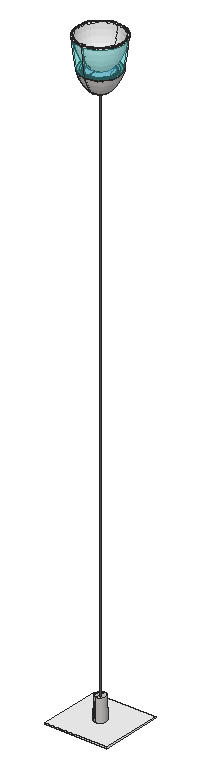
Revit family "BE_56581.2_de_DE", category Leuchten, Revit 2015
Parameters (values of type "BEGA_56581.2_K3")
  built-in parameter 1150104 = 12.486 (stored number, unit not read)
  Wattage = 36.3 W
  Default Elevation = 0 mm
  built-in parameter 1150113 = 1 (stored number, unit not read)
  built-in parameter 1114218 = 1 (stored number, unit not read)
  Umgebungstemperatur = "25 °C"
  URL = "http://www.bega.de/produkt/56581.2"
  Typenkommentare = "© 2017 BEGA. Wir behalten uns das Recht vor, technische Änderungen ohne vorherige Ankündigung vorzunehmen."  # constant formula
  built-in parameter 1150134 = (empty or 0)
  built-in parameter 1150109 = 1 (stored number, unit not read)
  Strom = ""
  built-in parameter 1150110 = 1 (stored number, unit not read)
  Spannung = 239.996 V
  Sonderanfertigung = no
  Seriennummer [instance] = "Hier können Sie die eindeutige Seriennummer für das Facility Management eintragen."
  Schutzklasse = "I"
  Schutzart = ""
  Scheinlast = 0 VA
  Produktdatenblatt = "http://www.bega.de/download/Xrfa/db/56581.2.db.de.pdf"
  Oberflächentemperatur = ""
  Neigungswinkel = 0.00°
  Modell = "56581.2"
  Material_18 = BEGA_Gummi_schwarz
  Material_17 = BEGA_Reflektor
  Material_15 = BEGA_Leuchtmedium_matt
  Material_11 = BEGA_Glas_opal
  Material_10 = BEGA_Glas_matt
  Material_09 = BEGA_Glas_klar
  Material_06 = BEGA_Oberfläche_Edelstahl_gebürstet
  Material_05 = BEGA_Oberfläche_Aluminium Guss
  Material_03 = BEGA_Oberfläche_Weiss_matt
  Material_02 = BEGA_Oberfläche_Silber_matt
  Material_01 [instance] = BEGA_Oberfläche_Grafit_matt
  M_W = no
  M_G = no
  M_A = no
  Logo = 0
  built-in parameter 1114217 = 1 (stored number, unit not read)
  built-in parameter 1150139 = (empty or 0)
  built-in parameter 1150105 = 388.24 (stored number, unit not read)
  built-in parameter 1150114 = 1 (stored number, unit not read)
  Lumens = 4878.72 lm
  built-in parameter 1150115 = 1 (stored number, unit not read)
  Leuchtenlichtstrom = "3540 lm"
  Leuchtenanzahl = ""
  Lebensdauerkriterien = "L70B50 @ 25 °C = 240000 h"
  Lastklassifizierung = Beleuchtung
  built-in parameter 1150112 = 1 (stored number, unit not read)
  Lampenlichtstrom = "4920 lm"
  Lampe = "LED 36.3 W"
  LED_Modulbezeichnung = "LED-0495/930 "
  Hersteller = "BEGA"  # constant formula
  Halbstreuwinkel = ""
  Gewicht = "5.7 kg"
  Gebrauchslageneinschränkung [instance] = ""
  Frequenz = "0/50-60 Hz"
  Farbwiedergabeindex = "Ra > 90"
  Farbtemperaturverschiebung bei Dämpfen der Lampe = <Keine Auswahl>
  Farbtemperatur = "3000 K"
  Color Filter = 16777215
  built-in parameter 1150133 = 10 (stored number, unit not read)
  Energieeffizienzklasse = "LED A++ - A"
  built-in parameter 1150137 = (empty or 0)
  built-in parameter 1150132 = (empty or 0)
  ENEC = "ja"
  Dimmbar [instance] = "DALI"
  Datei für fotometrisches Netz = "BE_56581.2.IES"
  CE_Konformität = "ja"
  Bestellnummer = "56581.2"
  Beschreibung_Sonderanfertigung = "Hier können Sie Informationen zur Sonderanfertigung eintragen."
  Beschreibung = "Pendelleuchte"
  built-in parameter 1150106 = 3.8824 (stored number, unit not read)
  Befestigungsbohrung = ""
  Befestigungsabstand = ""
  Ballwurfsicher = ""
  BEGA_Intern_aus = yes
  BEGA_Intern_an = yes
  BEGA_Intern_Konstruktion = yes
  BEGA_Intern = yes
  BEGA_IES = yes
  BEGA_Dummy = no
  Anschlussleitung = ""
  Anschlussleistung [instance] = "41.5 W"
  Anschlusskasten = ""
  built-in parameter 1150107 = 3000 (stored number, unit not read)
  built-in parameter 1150102 = (empty or 0)
  built-in parameter 1150138 = (empty or 0)
  Aktualisierung = "2017-09-27T04:10:59"
  Abstand_zur_angestrahlten_Fläche [instance] = ""
  AC/DC = "AC/DC"
Types (2, lengths in mm): name | built-in parameter 1150104 | built-in parameter 1150134 | Modell | built-in parameter 1150105 | Lumens | Leuchtenlichtstrom | Lampenlichtstrom | LED_Modulbezeichnung | Farbtemperatur | Datei für fotometrisches Netz | Bestellnummer | built-in parameter 1150106 | built-in parameter 1150107
  BEGA_56581.2_K4 | 12.858 (stored number, unit not read) | 12 | "56581.2K4" | 399.79 (stored number, unit not read) | 5023.92 lm | "3644 lm" | "5065 lm" | "LED-0495/940 " | "4000 K" | "BE_56581.2K4.IES" | "56581.2K4" | 3.9979 (stored number, unit not read) | 4000 (stored number, unit not read)
  BEGA_56581.2_K3 | 12.486 (stored number, unit not read) | (empty or 0) | "56581.2" | 388.24 (stored number, unit not read) | 4878.72 lm | "3540 lm" | "4920 lm" | "LED-0495/930 " | "3000 K" | "BE_56581.2.IES" | "56581.2" | 3.8824 (stored number, unit not read) | 3000 (stored number, unit not read)
Reference planes
  plane 1 "Mitte (Vorne/Hinten)": y = 0
  plane 2: z = 0
  plane 3 "Mitte (Links/Rechts)": x = 0
  plane 4 "Links": x = -151.3
  plane 5 "Rechts": x = 151.3
  plane 6 "Unten": y = -151.3
  plane 7 "Oben": y = 151.3
  plane 8 "Vorne": z = 3999
  plane 9 "Hinten": z = 0
Forms (mm)
  Extrusion 1, solid, material "BEGA_Platte_Weiss"
    sketch origin (0, -1119.2, 0) x (1, 0, 0) y (0, 1, 0)
      loop
        line (-200, 1319.2) -> (-200, 919.2) -> (200, 919.2) -> (200, 1319.2) -> (-200, 1319.2)
    from 0 to -10
  Extrusion 2, solid, material "BEGA_Dummy_matt", visible <- "BEGA_Dummy"
    sketch origin (77.149, -76.023, 0) x (1, 0, 0) y (0, 1, 0)
      loop
        circle (-77.149, 76.023) r 151.3
    from 0 to 3999
Dimensions and locks
  plane 1 "Mitte (Vorne/Hinten)" to Extrusion 1 = 200 mm
  plane 7 "Oben" to plane 1 "Mitte (Vorne/Hinten)" to plane 6 "Unten" = 151.3 mm, 151.3 mm
  aligned and locked: plane 2 to Extrusion 1
  aligned and locked: level to Extrusion 1
Nested families
  nested 1: "BE_56581.2" at (0, 0, 0), type "BE_56581.2"
Connectors
  electrical at (0, 0, 0), driven by "Lastklassifizierung", driven by "Spannung", driven by "Scheinlast"
    settings: index 1, voltage 239.996 V, apparent load 0 VA, apparent load phase1 0 VA, apparent load phase2 0 VA, apparent load phase3 0 VA, power factor 1, load classification "Beleuchtung", number of poles 1, system type 31, power factor state 1, is connector primary yes, connector utility no, sub classification motor no, connector description ""
Definition of nested family "BE_56581.2"
  Parameters (values of type "BE_56581.2")
    Default Elevation = 1 mm
    URL = "http://www.bega.de/de/produkt"
    Type Comments = "© 2015 BEGA. Wir behalten uns das Recht vor, technische Änderungen ohne vorherige Ankündigung vorzunehmen. "  # constant formula
    Type Image = (empty or 0)
    Neigungswinkel_um_Z2 = 0.00°
    Neigungswinkel_um_Z1 = 0.00°
    Neigungswinkel_um_Y2 = 0.00°
    Neigungswinkel_um_Y1 = 0.00°
    Neigungswinkel_um_X2 = 0.00°
    Neigungswinkel_um_X1 = 0.00°
    Material_18 = none
    Material_17 = none
    Material_15 = none
    Material_11 = none
    Material_10 = none
    Material_09 = none
    Material_06 = none
    Material_05 = none
    Material_03 = none
    Material_02 = none
    Material_01 = none
    M_W = yes
    M_G = yes
    M_A = yes
    Länge_Platte = 400 mm  # constant formula
    Höhe_Platte = -10 mm  # constant formula
    Manufacturer = "BEGA"  # constant formula
    Drehwinkel_um_Z2 = 0.00°
    Drehwinkel_um_Z1 = 0.00°
    Breite_Platte = 400 mm  # constant formula
  Reference planes
    plane 1 "Mitte (Oben/Unten)": y = 0
    plane 2: z = 0
    plane 3 "Mitte (Links/Rechts)": x = 0
    plane 4: y = 151.3
    plane 5: y = -151.3
    plane 6: z = 4000
    plane 7: x = -151.3
    plane 8: x = 151.3
  Forms (mm)
    Extrusion 1, solid, detail levels medium
      sketch origin (0, 0, 0) x (1, 0, 0) y (0, 1, 0)
        loop
          line (-200, 200) -> (-200, -200) -> (200, -200) -> (200, 200) -> (-200, 200)
      from 0 to -10 <- "Höhe_Platte"
    Revolve 2, solid, material <- "Material_06", detail levels medium+fine
      sketch origin (0, 0, 0) x (0, 1, 0) y (0, 0, 1)
        loop
          line (-36.248, 0.5) -> (-34, 0.5) -> (-34, 2.676) -> (-32.481, 2.729) -> (-31.3, 138.025)
          arc (-31.3, 138.025) -> (-30.705, 139.423) -> (-29.3, 140) r 2
          line (-29.3, 140) -> (0, 140) -> (0, 143.501)
          arc (0, 143.501) -> (-17.512, 143.245) -> (-35.009, 142.479) r 600
          line (-35.009, 142.479) -> (-36.248, 0.5)
        axis (0, 0.5) -> (0, 143.501)
      angle from 0 to 360
    Revolve 3, solid, material <- "Material_05", detail levels medium+fine
      sketch origin (0, 0, 0) x (0, 1, 0) y (0, 0, 1)
        loop
          line (-32.14, 2) -> (-32.175, 1) -> (-33.765, 1) -> (-33.8, 0) -> (0, 0) -> (0, 2) -> (-32.14, 2)
        axis (0, 0) -> (0, 2)
      angle from 0 to 360
    Extrusion 4, void
      sketch origin (0, 0, 0) x (1, 0, 0) y (0, 1, 0)
        loop
          arc (-9.887, 12.652) -> (-16.053, -0.003) -> (-9.876, -12.652) r 16.053
          line (-9.876, -12.652) -> (9.484, -12.652)
          arc (9.484, -12.652) -> (15.815, -0.003) -> (9.495, 12.652) r 15.815
          line (9.495, 12.652) -> (-9.887, 12.652)
        loop
          circle (-0.016, 25) r 2.25
        loop
          circle (-0.016, -25) r 2.25
      from 0 to 3.541
    Revolve 5, solid, material <- "Material_03", detail levels medium+fine
      sketch origin (0, 0, 0) x (0, 1, 0) y (0, 0, 1)
        loop
          line (-151.3, 3997) -> (-150.3, 3997) -> (-150.3, 3999) -> (-139.949, 3999)
          spline (-139.949, 3999) -> (-138.779, 3976.236) -> (-136.01, 3953.855) -> (-131.676, 3932.161) -> (-125.838, 3911.444) -> (-118.571, 3891.985) -> (-109.972, 3874.046) -> (-100.154, 3857.87) -> (-89.246, 3843.674) -> (-77.391, 3831.655) -> (-64.745, 3821.976) -> (-51.475, 3814.779) -> (-37.762, 3810.166)
          arc (-37.762, 3810.166) -> (-37.214, 3809.812) -> (-37, 3809.196) r 1
          line (-37, 3809.196) -> (-37, 3805) -> (-36, 3805) -> (-36, 3809.985)
          arc (-36, 3809.985) -> (-36.219, 3810.608) -> (-36.779, 3810.958) r 1
          spline (-36.779, 3810.958) -> (-50.367, 3815.489) -> (-63.542, 3822.592) -> (-76.126, 3832.17) -> (-87.949, 3844.094) -> (-98.85, 3858.202) -> (-108.68, 3874.301) -> (-117.307, 3892.175) -> (-124.613, 3911.58) -> (-130.5, 3932.253) -> (-134.887, 3953.913) -> (-137.714, 3976.266) -> (-138.944, 3999.009)
          arc (-138.944, 3999.009) -> (-139.241, 3999.71) -> (-139.944, 4000) r 1
          line (-139.944, 4000) -> (-150.3, 4000)
          arc (-150.3, 4000) -> (-151.007, 3999.707) -> (-151.3, 3999) r 1
          line (-151.3, 3999) -> (-151.3, 3997)
        axis (0, 3805) -> (0, 4000)
      angle from 0 to 360
    Revolve 6, solid, material <- "Material_09", detail levels medium+fine
      sketch origin (0, 0, 0) x (0, 1, 0) y (0, 0, 1)
        loop
          line (-102.7, 3768.034) -> (-96.4, 3768.034) -> (-96.4, 3792.847)
          arc (-96.4, 3792.847) -> (-98.818, 3798.985) -> (-104.772, 3801.826) r 9
          line (-104.772, 3801.826) -> (-121.101, 3802.97)
          arc (-121.101, 3802.97) -> (-138.31, 3900.406) -> (-145.438, 3999.093) r 963.829
          line (-145.438, 3999.093) -> (-149.939, 3999.093)
          arc (-149.939, 3999.093) -> (-142.528, 3897.875) -> (-124.563, 3797.988) r 968.329
          arc (-124.563, 3797.988) -> (-124.199, 3797.391) -> (-123.552, 3797.127) r 1.119
          line (-123.552, 3797.127) -> (-107.926, 3796.034) -> (-102.7, 3768.034)
        axis (0, 3768.034) -> (0, 3999.093)
      angle from 0 to 360
    Revolve 7, solid, material <- "Material_06", detail levels medium+fine
      sketch origin (0, 0, 0) x (0, 1, 0) y (0, 0, 1)
        loop
          line (-3.71, 3663.451) -> (0, 3663.451) -> (0, 3666.998)
          arc (0, 3666.998) -> (-36.026, 3674.484) -> (-65.816, 3696.08) r 87.76
          arc (-65.816, 3696.08) -> (-99.133, 3743.474) -> (-120.273, 3797.412) r 242.773
          line (-120.273, 3797.412) -> (-123.99, 3797.412)
          arc (-123.99, 3797.412) -> (-102.525, 3742.181) -> (-68.493, 3693.673) r 246.373
          arc (-68.493, 3693.673) -> (-39.18, 3671.963) -> (-3.71, 3663.451) r 91.36
        axis (0, 3663.451) -> (0, 3797.412)
      angle from 0 to 360
    Revolve 8, solid, material <- "Material_18", detail levels medium+fine
      sketch origin (0, 0, 0) x (0, 1, 0) y (0, 0, 1)
        loop
          line (-3.35, 118.995) -> (0, 118.995) -> (0, 3695.157) -> (-3.35, 3695.157) -> (-3.35, 118.995)
        axis (0, 3695.157) -> (0, 118.995)
      angle from 0 to 360
    Revolve 9, solid, material <- "Material_10", detail levels medium+fine
      sketch origin (0, 0, 0) x (0, 1, 0) y (0, 0, 1)
        loop
          line (0, 3806.329) -> (0, 3821.829)
          arc (0, 3821.829) -> (-17.765, 3819.684) -> (-34.51, 3813.374) r 74.657
          arc (-34.51, 3813.374) -> (-35.259, 3812.685) -> (-35.571, 3811.717) r 2
          line (-35.571, 3811.717) -> (-35.805, 3807.255)
          arc (-35.805, 3807.255) -> (-36.079, 3806.619) -> (-36.699, 3806.313) r 1
          line (-36.699, 3806.313) -> (-92.963, 3800.4)
          arc (-92.963, 3800.4) -> (-93.589, 3800.094) -> (-93.863, 3799.453) r 1
          line (-93.863, 3799.453) -> (-94.522, 3786.868)
          arc (-94.522, 3786.868) -> (-94.386, 3786.498) -> (-94.023, 3786.342) r 0.5
          line (-94.023, 3786.342) -> (-89.042, 3786.342) -> (-88.608, 3794.636)
          arc (-88.608, 3794.636) -> (-88.061, 3795.908) -> (-86.82, 3796.521) r 2
          line (-86.82, 3796.521) -> (-32.407, 3802.24)
          arc (-32.407, 3802.24) -> (-31.789, 3802.543) -> (-31.513, 3803.174) r 1
          line (-31.513, 3803.174) -> (-31.398, 3805.373)
          arc (-31.398, 3805.373) -> (-31.09, 3806.051) -> (-30.399, 3806.329) r 1
          line (-30.399, 3806.329) -> (0, 3806.329)
        axis (0, 3821.829) -> (0, 3786.342)
      angle from 0 to 360
  Cuts and joins
    Extrusion 4 cuts Revolve 3
  Dimensions and locks
    equal spacing: Extrusion 1 sketch curve, plane 3 "Mitte (Links/Rechts)", Extrusion 1 sketch curve
    equal spacing: Extrusion 1 sketch curve, plane 1 "Mitte (Oben/Unten)", Extrusion 1 sketch curve
    "Länge_Platte": Extrusion 1 sketch curve to Extrusion 1 sketch curve
    "Breite_Platte": Extrusion 1 sketch curve to Extrusion 1 sketch curve
    aligned and locked: Extrusion 1 to plane 2
    aligned and locked: level to Extrusion 1
  Automatic sketch dimensions
    Revolve 3 sketch curve to plane 1 "Mitte (Oben/Unten)" = 0 mm  (x2)
    Revolve 3 sketch curve to level = 0 mm  (x2)
    plane 1 "Mitte (Oben/Unten)" to Revolve 3 sketch curve = 32.14 mm
    Revolve 3 sketch curve to Revolve 3 sketch curve = 2.125 mm
    Revolve 3 sketch curve to Revolve 3 sketch curve = 0.035 mm  (x2)
    Revolve 3 sketch curve to Revolve 3 sketch curve = 1.59 mm
    level to Revolve 3 sketch curve = 1 mm
    Revolve 3 sketch curve to Revolve 3 sketch curve = 2 mm
    Extrusion 4 sketch curve to Extrusion 4 sketch curve = 0 mm  (x2)
    Extrusion 4 sketch curve to plane 3 "Mitte (Links/Rechts)" = 0 mm
    Extrusion 4 sketch curve to plane 3 "Mitte (Links/Rechts)" = 0.016 mm  (x2)
    Extrusion 4 sketch curve to plane 3 "Mitte (Links/Rechts)" = 9.876 mm
    Extrusion 4 sketch curve to plane 3 "Mitte (Links/Rechts)" = 9.887 mm
    plane 3 "Mitte (Links/Rechts)" to Extrusion 4 sketch curve = 9.484 mm
    plane 1 "Mitte (Oben/Unten)" to Extrusion 4 sketch curve = 25 mm
    Extrusion 4 sketch curve to plane 1 "Mitte (Oben/Unten)" = 0.004 mm
    Extrusion 4 sketch curve to Extrusion 4 sketch curve = 12.348 mm
    plane 1 "Mitte (Oben/Unten)" to Extrusion 4 sketch curve = 12.652 mm
    Revolve 2 sketch curve to plane 1 "Mitte (Oben/Unten)" = 0 mm  (x2)
    plane 1 "Mitte (Oben/Unten)" to Revolve 2 sketch curve = 29.3 mm
    Revolve 2 sketch curve to Revolve 2 sketch curve = 2 mm
    level to Revolve 2 sketch curve = 2.729 mm
    plane 1 "Mitte (Oben/Unten)" to Revolve 2 sketch curve = 32.481 mm
    Revolve 2 sketch curve to Revolve 2 sketch curve = 1.52 mm
    Revolve 2 sketch curve to Revolve 2 sketch curve = 3.709 mm
    level to Revolve 2 sketch curve = 0.5 mm
    Revolve 2 sketch curve to Revolve 2 sketch curve = 2.248 mm
    Revolve 2 sketch curve to level = 456.499 mm
    Revolve 2 sketch curve to Revolve 2 sketch curve = 0.053 mm
    Revolve 2 sketch curve to Revolve 2 sketch curve = 135.271 mm
    Revolve 2 sketch curve to Revolve 2 sketch curve = 0.025 mm
    Revolve 2 sketch curve to Revolve 2 sketch curve = 0 mm  (x4)
    Revolve 2 sketch curve to Revolve 2 sketch curve = 4.454 mm
    Revolve 2 sketch curve to Revolve 2 sketch curve = 46.562 mm
    Revolve 7 sketch curve to Revolve 7 sketch curve = 0 mm  (x7)
    Revolve 7 sketch curve to plane 1 "Mitte (Oben/Unten)" = 0 mm  (x2)
    plane 1 "Mitte (Oben/Unten)" to Revolve 7 sketch curve = 0.556 mm
    plane 1 "Mitte (Oben/Unten)" to Revolve 7 sketch curve = 3.71 mm
    Revolve 7 sketch curve to Revolve 7 sketch curve = 3.717 mm
    Revolve 7 sketch curve to Revolve 7 sketch curve = 3.547 mm
    Revolve 7 sketch curve to Revolve 7 sketch curve = 87.758 mm
    Revolve 7 sketch curve to Revolve 7 sketch curve = 42.656 mm
    Revolve 7 sketch curve to Revolve 7 sketch curve = 103.641 mm
    Revolve 7 sketch curve to Revolve 7 sketch curve = 4.003 mm
    Revolve 6 sketch curve to Revolve 6 sketch curve = 0 mm  (x5)
    Revolve 6 sketch curve to plane 1 "Mitte (Oben/Unten)" = 0 mm
    Revolve 6 sketch curve to Revolve 6 sketch curve = 6.3 mm
    Revolve 6 sketch curve to Revolve 6 sketch curve = 9 mm
    Revolve 6 sketch curve to Revolve 6 sketch curve = 2.526 mm
    Revolve 6 sketch curve to Revolve 6 sketch curve = 0.078 mm
    Revolve 6 sketch curve to Revolve 6 sketch curve = 24.813 mm
    Revolve 6 sketch curve to Revolve 6 sketch curve = 3.187 mm
    Revolve 6 sketch curve to Revolve 6 sketch curve = 1.093 mm
    Revolve 6 sketch curve to Revolve 6 sketch curve = 1.116 mm
    Revolve 6 sketch curve to Revolve 6 sketch curve = 4.727 mm
    Revolve 6 sketch curve to Revolve 6 sketch curve = 226.251 mm
    Revolve 6 sketch curve to Revolve 6 sketch curve = 3.153 mm
    Revolve 6 sketch curve to Revolve 6 sketch curve = 4.501 mm
    Revolve 6 sketch curve to Revolve 6 sketch curve = 0.79 mm
    Revolve 6 sketch curve to Revolve 6 sketch curve = 0.003 mm
    Revolve 6 sketch curve to Revolve 6 sketch curve = 40 mm
    Revolve 9 sketch curve to plane 1 "Mitte (Oben/Unten)" = 0 mm  (x2)
    plane 1 "Mitte (Oben/Unten)" to Revolve 9 sketch curve = 0.001 mm
    plane 1 "Mitte (Oben/Unten)" to Revolve 9 sketch curve = 30.399 mm
    Revolve 9 sketch curve to Revolve 9 sketch curve = 0.999 mm  (x3)
    Revolve 9 sketch curve to Revolve 9 sketch curve = 0.115 mm
    Revolve 9 sketch curve to Revolve 9 sketch curve = 0.998 mm
    Revolve 9 sketch curve to Revolve 9 sketch curve = 3.176 mm
    Revolve 9 sketch curve to Revolve 9 sketch curve = 1.997 mm  (x2)
    Revolve 9 sketch curve to Revolve 9 sketch curve = 1.232 mm
    Revolve 9 sketch curve to Revolve 9 sketch curve = 2.432 mm
    Revolve 9 sketch curve to Revolve 9 sketch curve = 6.254 mm
    Revolve 9 sketch curve to Revolve 9 sketch curve = 0.099 mm
    Revolve 9 sketch curve to Revolve 9 sketch curve = 4.981 mm
    Revolve 9 sketch curve to Revolve 9 sketch curve = 39.17 mm
    Revolve 9 sketch curve to Revolve 9 sketch curve = 0.5 mm
    Revolve 9 sketch curve to Revolve 9 sketch curve = 8.19 mm
    Revolve 9 sketch curve to Revolve 9 sketch curve = 4.873 mm
    Revolve 9 sketch curve to Revolve 9 sketch curve = 0.049 mm
    Revolve 9 sketch curve to Revolve 9 sketch curve = 8.642 mm
    Revolve 9 sketch curve to Revolve 9 sketch curve = 0.061 mm
    Revolve 9 sketch curve to Revolve 9 sketch curve = 2.155 mm
    Revolve 9 sketch curve to Revolve 9 sketch curve = 0.044 mm
    Revolve 9 sketch curve to Revolve 9 sketch curve = 1.935 mm
    Revolve 9 sketch curve to Revolve 9 sketch curve = 4.299 mm
    Revolve 9 sketch curve to Revolve 9 sketch curve = 0.11 mm
    Revolve 9 sketch curve to Revolve 9 sketch curve = 15.5 mm
    Revolve 9 sketch curve to Revolve 9 sketch curve = 0.105 mm  (x3)
    Revolve 9 sketch curve to Revolve 9 sketch curve = 0 mm  (x13)
    Revolve 9 sketch curve to Revolve 9 sketch curve = 0.209 mm
    Revolve 9 sketch curve to Revolve 9 sketch curve = 0.499 mm
    Revolve 9 sketch curve to Revolve 9 sketch curve = 0.995 mm
    Revolve 9 sketch curve to Revolve 9 sketch curve = 1.71 mm
    Revolve 5 sketch curve to plane 1 "Mitte (Oben/Unten)" = 0 mm
    plane 1 "Mitte (Oben/Unten)" to Revolve 5 sketch curve = 36 mm
    Revolve 5 sketch curve to Revolve 5 sketch curve = 1 mm  (x4)
    Revolve 5 sketch curve to Revolve 5 sketch curve = 0 mm  (x4)
    Revolve 5 sketch curve to Revolve 5 sketch curve = 0.005 mm
    Revolve 5 sketch curve to Revolve 5 sketch curve = 10.356 mm
    Revolve 5 sketch curve to Revolve 5 sketch curve = 4.194 mm
    Revolve 5 sketch curve to Revolve 5 sketch curve = 0.002 mm  (x2)
    Revolve 5 sketch curve to Revolve 5 sketch curve = 0.787 mm
    Revolve 5 sketch curve to Revolve 5 sketch curve = 187.017 mm
    Revolve 5 sketch curve to Revolve 5 sketch curve = 2 mm
    plane 1 "Mitte (Oben/Unten)" to Revolve 5 sketch curve = 20 mm
    Revolve 5 sketch curve to Revolve 5 sketch curve = 0.221 mm
    Revolve 5 sketch curve to Revolve 5 sketch curve = 0.762 mm
    Revolve 5 sketch curve to Revolve 5 sketch curve = 34.953 mm
    Revolve 5 sketch curve to Revolve 5 sketch curve = 26.315 mm
    Revolve 5 sketch curve to Revolve 5 sketch curve = 5.991 mm
    Revolve 8 sketch curve to plane 1 "Mitte (Oben/Unten)" = 0 mm  (x2)
    Revolve 8 sketch curve to Revolve 8 sketch curve = 3.35 mm
    level to Revolve 8 sketch curve = 118.995 mm
    Revolve 8 sketch curve to Revolve 8 sketch curve = 1175 mm
    Revolve 8 sketch curve to Revolve 8 sketch curve = 50 mm
    Revolve 7 sketch curve to plane 1 "Mitte (Oben/Unten)" = 114.716 mm
    Revolve 5 sketch curve to Revolve 5 sketch curve = 119.944 mm
    plane 1 "Mitte (Oben/Unten)" to Revolve 6 sketch curve = 96.4 mm
    Revolve 6 sketch curve to Revolve 6 sketch curve = 13.175 mm
    Revolve 6 sketch curve to Revolve 6 sketch curve = 2.373 mm
    plane 1 "Mitte (Oben/Unten)" to Revolve 6 sketch curve = 145.438 mm
    Revolve 7 sketch curve to Revolve 7 sketch curve = 54.456 mm
    Revolve 9 sketch curve to Revolve 9 sketch curve = 49.911 mm
    level to Revolve 5 sketch curve = 3805 mm
    level to Revolve 6 sketch curve = 3768.034 mm
    level to Revolve 7 sketch curve = 3663.451 mm
    Revolve 8 sketch curve to Revolve 8 sketch curve = 2351.163 mm
    level to Revolve 9 sketch curve = 3747.172 mm
    radius of Extrusion 4 sketch curve = 2.25 mm  (x2)
